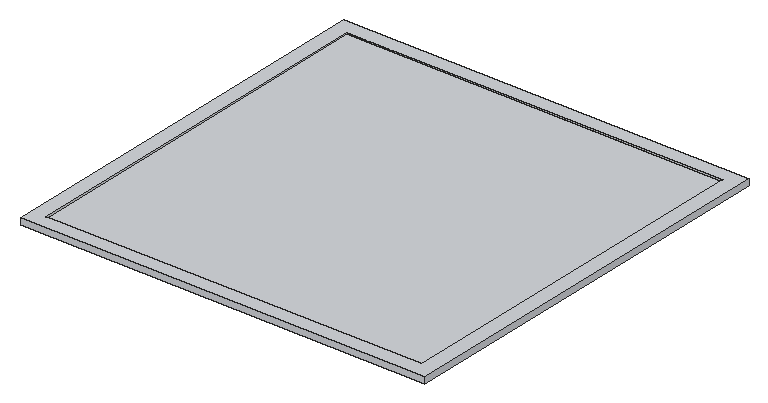
Revit family "595x595_START Panel Backlit UGR19", category Lighting Fixtures, host Face, Revit 2017
Family settings
  Host = Face
  Round Connector Dimension = Use Diameter
  Part Type = Normal
  OmniClass Number = 23.80.70.00
  OmniClass Title = Lighting
  Cut with Voids When Loaded = No
  Light Source = Yes
  Shared = No
  Room Calculation Point = No
Parameters (values of type "0042390 START PANEL UGR19 600X600 4600LM 830 SSA")
  Weight = "6.285 kg"
  Wattage Comments = ""
  Wattage = 43 W
  WarrantyStartDate [instance] = "n/a"
  WarrantyGuarantorParts = "n/a"
  WarrantyDurationUnit = "n/a"
  WarrantyDurationParts = "n/a"
  WarrantyDescription = "n/a"
  WIDTH_SYL = 297.5 mm
  built-in parameter 1150110 = 1 (stored number, unit not read)
  Voltage = 0 V
  URL = "http://www.sylvania-lighting.com"
  TypeName = "START Panel UGR19 600x600 4600Lm 830 SSA"
  Type Image = <None>
  Type Comments = "n/a"
  built-in parameter 1114217 = 1 (stored number, unit not read)
  Tilt Angle = -90.00°
  built-in parameter 1150109 = 1 (stored number, unit not read)
  built-in parameter 1150134 = (empty or 0)
  TOPWIDTH_SYL = 245 mm
  built-in parameter 1150113 = 1 (stored number, unit not read)
  SerialNumber [instance] = "n/a"
  Photometric Web File = "0042390.ies"
  Material_3_SYL = none
  PowerFactor = 0.95
  PowerConsumption = "43 W"
  NominalLength = 595 mm
  NominalHeight = 35 mm
  NominalDepth = 595 mm
  Name = "START Panel UGR19 600x600 4600Lm 830 SSA"
  ModelReference = Name  # "START Panel UGR19 600x600 4600Lm 830 SSA"
  ModelNumber = "0042390"
  Model = Name  # "START Panel UGR19 600x600 4600Lm 830 SSA"
  Material = "aluminium,steel housing, other diffuser"
  ManufacturerName = "Feilo Sylvania"
  Manufacturer = "Feilo Sylvania"
  MAINHEIGHT_SYL = 63 mm
  LuminousEfficacy = "107 lm/W"
  built-in parameter 1150105 = 366.14 (stored number, unit not read)
  Lumens = 4601 lm
  LuminaireType = ""
  built-in parameter 1150115 = 1 (stored number, unit not read)
  LightOutputRatio = "n/a"
  built-in parameter 1150137 = (empty or 0)
  built-in parameter 1150139 = (empty or 0)
  LampsType = Lamp  # "LED"
  LampNominalLuminous = "4600 lm"
  LampMacAdamStep = "6"
  LampColourTemperature = "3000 K"
  LampColourRenderingIndex = "80"
  built-in parameter 1150112 = 1 (stored number, unit not read)
  built-in parameter 1150114 = 1 (stored number, unit not read)
  Lamp = "LED"
  LUMWIDTH_SYL = 276.5 mm
  LUMDEPTH_SYL = 276.5 mm
  Keynote = "16500"
  InstallationDate [instance] = "n/a"
  InputVoltage = "n/a"
  InputNominalFrequency = "n/a"
  built-in parameter 1150132 = (empty or 0)
  built-in parameter 1150102 = (empty or 0)
  built-in parameter 1150107 = 3000 (stored number, unit not read)
  built-in parameter 1150138 = (empty or 0)
  IngressProtection = "IP40/20"
  ImpactProtectionIndex = "IK03"
  built-in parameter 1150106 = 3.6614 (stored number, unit not read)
  IfcExportType = "IfcLightFixtureType"
  IfcExportAs = "IfcLightFixtureType"
  HEIGHT_SYL = 33 mm
  HEIGHTBOTT_SYL = 7 mm
  Emit from Circle Diameter = 609.6 mm
  Emit Shape Visible in Rendering = no
  ElectricShockClassification = "Class II"
  built-in parameter 1150104 = 9.9406 (stored number, unit not read)
  DocumentationLiterature = "http://www.sylvania-lighting.com/product/en-int/products/0042390"
  DimmingControlOptions = "n/a"
  Material_2_SYL = none
  Dimming Lamp Color Temperature Shift = <None>
  Description = "START Panel is a range of backlit LED panels used in recessed ceilings. Ideal for general indoor appliactions such as corridors, breakrooms, offices and meeting rooms. Luminaire dimensions are compatible with common ceiling installation, and the shallow design makes it easy to install in low ceilings. 4600Lm; 43W; 107Lm/W; Drive current: 950mA; Average life: 50000Hrs; 3000K; CRI 80; Glare control <19; IK03; IP40 (from the front); SDCM<3; Class II; SylSmart SSA enabled."
  Default Elevation = 1219.2 mm
  DEPTH_SYL = 297.5 mm
  CreatedOn = "9/9/2020"
  CreatedBy = "@sylvania-lighting.com"
  Cost = 0
  Color Filter = 16777215
  built-in parameter 1114216 [instance] = (empty or 0)
  ClassificationValue = "EF_70_80"
  ClassificationName = "Uniclass2015"
  Material_1_SYL = none
  BarCode [instance] = "n/a"
  built-in parameter 1114218 = 1 (stored number, unit not read)
  BOX_WIDTH_SYL = 40 mm
  built-in parameter 1150133 = 10 (stored number, unit not read)
  AssetType = "Fixed"
  AssetIdentifier [instance] = "n/a"
  Assembly Code = "D5020200"
  Apparent Load = 43 VA
  Material_4_SYL = none
  -LUMDEPTH_SYL = LUMDEPTH_SYL * (-1)  # -276.5 mm
Types (4, lengths in mm): name | Wattage | TypeName | built-in parameter 1150134 | Photometric Web File | PowerConsumption | Name | ModelReference | ModelNumber | Model | LuminousEfficacy | built-in parameter 1150105 | Lumens | LampNominalLuminous | LampColourTemperature | built-in parameter 1150107 | built-in parameter 1150106 | built-in parameter 1150104 | DocumentationLiterature | Description | Apparent Load
  0042390 START PANEL UGR19 600X600 4600LM 830 SSA | 43 W | "START Panel UGR19 600x600 4600Lm 830 SSA" | (empty or 0) | "0042390.ies" | "43 W" | "START Panel UGR19 600x600 4600Lm 830 SSA" | "START Panel UGR19 600x600 4600Lm 830 SSA" | "0042390" | "START Panel UGR19 600x600 4600Lm 830 SSA" | "107 lm/W" | 366.14 (stored number, unit not read) | 4601 lm | "4600 lm" | "3000 K" | 3000 (stored number, unit not read) | 3.6614 (stored number, unit not read) | 9.9406 (stored number, unit not read) | "http://www.sylvania-lighting.com/product/en-int/products/0042390" | "START Panel is a range of backlit LED panels used in recessed ceilings. Ideal for general indoor appliactions such as corridors, breakrooms, offices and meeting rooms. Luminaire dimensions are compatible with common ceiling installation, and the shallow design makes it easy to install in low ceilings. 4600Lm; 43W; 107Lm/W; Drive current: 950mA; Average life: 50000Hrs; 3000K; CRI 80; Glare control <19; IK03; IP40 (from the front); SDCM<3; Class II; SylSmart SSA enabled." | 43 VA
  0042389 START PANEL UGR19 600X600 4000LM 840 SSA | 36 W | "START Panel UGR19 600x600 4000Lm 840 SSA" | 12 | "0042389.ies" | "36 W" | "START Panel UGR19 600x600 4000Lm 840 SSA" | "START Panel UGR19 600x600 4000Lm 840 SSA" | "0042389" | "START Panel UGR19 600x600 4000Lm 840 SSA" | "111 lm/W" | 317.99 (stored number, unit not read) | 3996 lm | "4000 lm" | "4000 K" | 4000 (stored number, unit not read) | 3.1799 (stored number, unit not read) | 10.312 (stored number, unit not read) | "http://www.sylvania-lighting.com/product/en-int/products/0042389" | "START Panel is a range of backlit LED panels used in recessed ceilings. Ideal for general indoor appliactions such as corridors, breakrooms, offices and meeting rooms. Luminaire dimensions are compatible with common ceiling installation, and the shallow design makes it easy to install in low ceilings. 4000Lm; 36W; 111Lm/W; Drive current: 750mA; Average life: 50000Hrs; 4000K; CRI 80; Glare control <19; IK03; IP40 (from the front); SDCM<3; Class II; SylSmart SSA enabled." | 36 VA
  0042388 START PANEL UGR19 600X600 3800LM 830 SSA | 36 W | "START Panel UGR19 600x600 3800Lm 830 SSA" | (empty or 0) | "0042388.ies" | "36 W" | "START Panel UGR19 600x600 3800Lm 830 SSA" | "START Panel UGR19 600x600 3800Lm 830 SSA" | "0042388" | "START Panel UGR19 600x600 3800Lm 830 SSA" | "106 lm/W" | 303.67 (stored number, unit not read) | 3816 lm | "3800 lm" | "3000 K" | 3000 (stored number, unit not read) | 3.0367 (stored number, unit not read) | 9.8477 (stored number, unit not read) | "http://www.sylvania-lighting.com/product/en-int/products/0042388" | "START Panel is a range of backlit LED panels used in recessed ceilings. Ideal for general indoor appliactions such as corridors, breakrooms, offices and meeting rooms. Luminaire dimensions are compatible with common ceiling installation, and the shallow design makes it easy to install in low ceilings. 3800Lm; 36W; 106Lm/W; Drive current: 750mA; Average life: 50000Hrs; 3000K; CRI 80; Glare control <19; IK03; IP40 (from the front); SDCM<3; Class II; SylSmart SSA enabled." | 36 VA
  0042391 START PANEL UGR19 600X600 4800LM 840 SSA | 43 W | "START Panel UGR19 600x600 4800Lm 840 SSA" | 12 | "0042391.ies" | "43 W" | "START Panel UGR19 600x600 4800Lm 840 SSA" | "START Panel UGR19 600x600 4800Lm 840 SSA" | "0042391" | "START Panel UGR19 600x600 4800Lm 840 SSA" | "112 lm/W" | 383.25 (stored number, unit not read) | 4816 lm | "4800 lm" | "4000 K" | 4000 (stored number, unit not read) | 3.8325 (stored number, unit not read) | 10.405 (stored number, unit not read) | "http://www.sylvania-lighting.com/product/en-int/products/0042391" | "START Panel is a range of backlit LED panels used in recessed ceilings. Ideal for general indoor appliactions such as corridors, breakrooms, offices and meeting rooms. Luminaire dimensions are compatible with common ceiling installation, and the shallow design makes it easy to install in low ceilings. 4800Lm; 43W; 112Lm/W; Drive current: 950mA; Average life: 50000Hrs; 4000K; CRI 80; Glare control <19; IK03; IP40 (from the front); SDCM<3; Class II; SylSmart SSA enabled." | 43 VA
Reference planes
  plane 1 "Center (Front/Back)": y = 0
  plane 2: z = 0
  plane 3 "Center (Left/Right)": x = 0
  plane 4: x = -297.5
  plane 5: x = 297.5
  plane 6: y = 297.5
  plane 7: y = -297.5
  plane 8: x = 276.5
  plane 9: x = -276.5
  plane 10: y = 276.5
  plane 11: y = -276.5
  plane 12: z = -33
  plane 13: z = -7
  plane 14: x = -245
  plane 15: x = 245
  plane 16: y = -245
  plane 17: y = 245
  plane 18: y = 276.5
  plane 19: y = -276.5
  plane 20: z = -63
  plane 21: x = -40
  plane 22: x = 40
Forms (mm)
  Extrusion 1, solid
    sketch origin (0, 0, 0) x (1, 0, 0) y (0, 1, 0)
      loop
        line (-297.5, 297.5) -> (-297.5, -297.5) -> (297.5, -297.5) -> (297.5, 297.5) -> (-297.5, 297.5)
    from -7 to 2
  Extrusion 2, void
    sketch origin (0, 0, 0) x (1, 0, 0) y (0, 1, 0)
      loop
        line (-276.5, 276.5) -> (-276.5, -276.5) -> (276.5, -276.5) -> (276.5, 276.5) -> (-276.5, 276.5)
    from 0 to 10
  Extrusion 3, solid
    sketch origin (0, 0, 0) x (1, 0, 0) y (0, 0, 1)
      loop
        line (-276.5, -7) -> (-245, -33) -> (245, -33) -> (276.5, -7) -> (-276.5, -7)
    from -276.5 <- "-LUMDEPTH_SYL" to 276.5 <- "LUMDEPTH_SYL"
  Extrusion 4, void
    sketch origin (319, 1524, 1219.2) x (0, 1, 0) y (0, 0, 1)
      loop
        line (-1279, -1252.2) -> (-1247.5, -1252.2) -> (-1247.5, -1226.2) -> (-1279, -1252.2)
      loop
        line (-1800.5, -1226.2) -> (-1800.5, -1252.2) -> (-1769, -1252.2) -> (-1800.5, -1226.2)
    from -1000 to 1000
  Extrusion 5, solid
    sketch origin (0, 0, 0) x (1, 0, 0) y (0, 0, 1)
      loop
        line (-40, -33) -> (-40, -63) -> (40, -63) -> (40, -33) -> (-40, -33)
    from -40 to 40
Cuts and joins
  Extrusion 2 cuts Extrusion 1
  Extrusion 4 cuts Extrusion 3
Dimensions and locks
  "WIDTH_SYL": plane 4 to plane 3 "Center (Left/Right)" to plane 5
  "DEPTH_SYL": plane 7 to plane 1 "Center (Front/Back)" to plane 6
  "LUMWIDTH_SYL": plane 9 to plane 3 "Center (Left/Right)" to plane 8
  "LUMDEPTH_SYL": plane 11 to plane 1 "Center (Front/Back)" to plane 10
  "HEIGHT_SYL": host face to plane 12
  "HEIGHTBOTT_SYL": host face to plane 13
  "TOPWIDTH_SYL": plane 14 to imposter light to plane 15
  "TOPWIDTH_SYL": plane 17 to imposter light to plane 16
  "LUMWIDTH_SYL": plane 18 to imposter light to plane 19
  "MAINHEIGHT_SYL": host face to plane 20
  "BOX_WIDTH_SYL": plane 21 to imposter light to plane 22
  Extrusion 5 sketch curve to Extrusion 5 sketch curve to plane 13 = 30 mm, 26 mm
  aligned and locked: plane 2 to host face
  aligned and locked: level to host face
  aligned and locked: plane 6 to Extrusion 1 sketch curve
  aligned and locked: plane 4 to Extrusion 1 sketch curve
  aligned and locked: Extrusion 1 sketch curve to plane 7
  aligned and locked: Extrusion 1 sketch curve to plane 5
  aligned and locked: plane 10 to Extrusion 2 sketch curve
  aligned and locked: Extrusion 2 sketch curve to plane 9
  aligned and locked: Extrusion 2 sketch curve to plane 11
  aligned and locked: plane 8 to Extrusion 2 sketch curve
  aligned and locked: Extrusion 5 sketch curve to plane 21
  aligned and locked: plane 22 to Extrusion 5 sketch curve
Automatic sketch dimensions
  host sketch curve to host sketch curve = 2438.4 mm  (x2)
  plane 9 to Extrusion 3 sketch curve = 0 mm
  Extrusion 3 sketch curve to plane 12 = 0 mm
  plane 14 to Extrusion 3 sketch curve = 0 mm
  plane 15 to Extrusion 3 sketch curve = 0 mm
  plane 8 to Extrusion 3 sketch curve = 0 mm
  Extrusion 3 sketch curve to plane 13 = 0 mm
  Extrusion 4 sketch curve to plane 11 = 0 mm
  plane 12 to Extrusion 4 sketch curve = 0 mm  (x2)
  Extrusion 4 sketch curve to plane 16 = 0 mm
  Extrusion 4 sketch curve to plane 17 = 0 mm
  Extrusion 4 sketch curve to plane 10 = 0 mm
  plane 13 to Extrusion 4 sketch curve = 0 mm  (x2)
